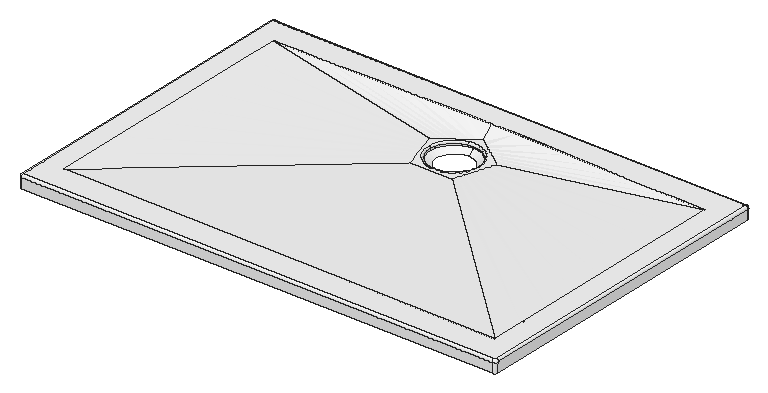
Revit family "IS_UltraFlat_K5182_BIM_DE", category Plumbing Fixtures, host Face, Revit 2016
Family settings
  Host = Face
  Part Type = Normal
  Round Connector Dimension = Use Diameter
  OmniClass Number = 23.45.05.14.21.11
  OmniClass Title = Bath/Shower Units
  Cut with Voids When Loaded = Yes
  Shared = No
  Room Calculation Point = No
Parameters (values of type "K518201 - ULTRA FLAT rectangular shower tray 1200x800mm")
  WarrantyStartDate = "n/a"
  WarrantyGuarantorParts = "n/a"
  WarrantyGuarantorLabor = "n/a"
  WarrantyDurationUnit = "n/a"
  WarrantyDurationParts = "n/a"
  WarrantyDurationLabor = "n/a"
  WarrantyDescription = "n/a"
  WFU = 0
  VolumeUnits = "Litres"
  Version = "1"
  Uniclass2015Version = "Products v1.1"
  Uniclass2015Title = "Shower trays"
  Uniclass2015Code = "Pr_40_20_06_84"
  URL = "www.idealstandard.de"
  Product data URL = "http://bimobject.com/idealstandard/product/k5182"
  Type Comments = "n/a"
  TagNumber = "n/a"
  SustainabilityPerformance = "n/a"
  Space = "Internal"
  Size = "1200 x 800 x 30 mm"
  Shape = "Rectangular"
  SerialNumber = "n/a"
  ReplacementCost = "n/a"
  ProductInformation = "www.idealstandard.de"
  PredefinedType = "n/a"
  Phone = "+49228 5210"
  NominalWidth = 1200 mm
  NominalLength = 800 mm
  NominalHeight = 30 mm
  NominalDepth = 0 mm
  Name = "ISI_IdealStandard_Showers_ULTRA FLAT_K518201"
  ModelReference = "IS Rechteck-Brausewanne ULTRA FLAT, 1200x800x47mm, Weiß"
  ModelNumber = "K518201"
  Model = "K518201"
  Material = "Sanitary Brass"
  ManufacturerURL = "www.idealstandard.de"
  Manufacturer = "idealstandard.de@idealstandard.com"
  LinearUnits = "millimeters"
  Keynote = ""
  InstallationInstructions = "www.idealstandard.de\\produkte"
  InstallationDate = "1900-12-31T23:59:59"
  Help = "idealstandard.de@idealstandard.com"
  HWFU = 0
  GrossWeight = "25 kg"
  Grade = "n/a"
  Finish = "White"
  Features = "ULTRA FLAT rectangular shower tray 1200x800mm"
  ExpectedLife = "25"
  DurationUnit = "year"
  DistributedBy = "n/a"
  Description = "Ultra flat sht 120x80 rect. white"
  Default Elevation = 0 mm
  CurrencyUnit = "€"
  CreatedOn = "42774"
  Cost = 0
  Constituents = "n/a"
  ConnectionType = "Plumbing"
  Color = "White"
  CodePerformance = "DIN EN 14527, DIN EN 249"
  CWFU = 0
  Brand = "Ideal Standard"
  BarCode = "4015413013147"
  BIMObjectName = "ISI_IdealStandard_Showers_ULTRA FLAT_K518201"
  Author = "Ideal Standard"
  AssetType = "Fixed"
  AssetIdentifier = "n/a"
  Assembly Code = "C1030200"
  AreaUnits = "millimeters"
  AreaMeasurement = "n/a"
  Accessories = "www.idealstandard.de\\ersatzteile"
  AccessibilityPerformance = "n/a"
Types (2, lengths in mm): name | Name | ModelReference | ModelNumber | Model | BarCode | BIMObjectName
  K518201 - ULTRA FLAT rectangular shower tray 1200x800mm | "ISI_IdealStandard_Showers_ULTRA FLAT_K518201" | "IS Rechteck-Brausewanne ULTRA FLAT, 1200x800x47mm, Weiß" | "K518201" | "K518201" | "4015413013147" | "ISI_IdealStandard_Showers_ULTRA FLAT_K518201"
  K5182YK - ULTRA FLAT rectangular shower tray 1200x800mm | "ISI_IdealStandard_Showers_ULTRA FLAT_K5182YK" | "IS Rechteck-Brausewanne ULTRA FLAT, 1200x800x47mm, Weiß mit Ideal Grip" | "K5182YK" | "K5182YK" | "4015413033312\r\n4015413033312\r\n4015413033312" | "ISI_IdealStandard_Showers_ULTRA FLAT_K5182YK"
Reference planes
  plane 1 "Center (Front/Back)": y = 0
  plane 2: z = 0
  plane 3 "Center (Left/Right)": x = 0
  plane 4: y = -180
  plane 5: x = 600
  plane 6: x = -600
  plane 7: z = 30
  plane 8: y = -800
Forms (mm)
  Extrusion 1, solid, material "IS_RenderMaterial_VitreousChina"
    sketch origin (0, 39.702, 30) x (0, 1, 0) y (-1, 0, 0)
      loop
        arc (-39.702, 592) -> (-42.045, 597.657) -> (-47.702, 600) r 8
        line (-47.702, 600) -> (-831.702, 600)
        arc (-831.702, 600) -> (-837.359, 597.657) -> (-839.702, 592) r 8
        line (-839.702, 592) -> (-839.702, -592)
        arc (-839.702, -592) -> (-837.359, -597.657) -> (-831.702, -600) r 8
        line (-831.702, -600) -> (-47.702, -600)
        arc (-47.702, -600) -> (-42.045, -597.657) -> (-39.702, -592) r 8
        line (-39.702, -592) -> (-39.702, 592)
    from 0 to -30
  Sweep 2, void
    path in 3D
      loop
        arc (592, -800, 30) -> (597.657, -797.657, 30) -> (600, -792, 30) r 8
        line (600, -792, 30) -> (600, -8, 30)
        arc (600, -8, 30) -> (597.657, -2.343, 30) -> (592, 0, 30) r 8
        line (592, 0, 30) -> (-592, 0, 30)
        arc (-592, 0, 30) -> (-597.657, -2.343, 30) -> (-600, -8, 30) r 8
        line (-600, -8, 30) -> (-600, -792, 30)
        arc (-600, -792, 30) -> (-597.657, -797.657, 30) -> (-592, -800, 30) r 8
        line (-592, -800, 30) -> (592, -800, 30)
    profile origin (0, -800, 30) x (0, 1, 0) y (0, 0, 1)
      loop
        arc (0, -6) -> (1.757, -1.757) -> (6, 0) r 6
        line (6, 0) -> (0, 0) -> (0, -6)
  Blend 3, void
    base sketch origin (0, 39.702, 30) x (-1, 0, 0) y (0, -1, 0)
      loop
        line (543, 769.702) -> (-543, 769.702) -> (-543, 109.755) -> (0, 100.224) -> (543, 109.702) -> (543, 769.702)
    top sketch origin (0, 39.702, 30) x (-1, 0, 0) y (0, -1, 0)
      loop
        line (0, 129.702) -> (85.595, 191.89) -> (52.901, 292.514) -> (-52.901, 292.514) -> (-85.595, 191.89) -> (0, 129.702)
    from 0 to -22
  Revolve 4, void
    sketch origin (-651.269, -180, 1219.2) x (-1, 0, 0) y (0, 0, 1)
      loop
        line (-651.269, -1211.2) -> (-651.269, -1219.2) -> (-590.276, -1219.2) -> (-590.276, -1215.2)
        arc (-590.276, -1215.2) -> (-589.105, -1212.372) -> (-586.276, -1211.2) r 4
        line (-586.276, -1211.2) -> (-651.269, -1211.2)
      axis (-651.269, -1219.2) -> (-651.269, -1211.2)
    angle from 0 to 360
  Revolve 5, solid, material "IS_RenderMaterial_VitreousChina"
    sketch origin (0, 0, 0) x (0, 1, 0) y (0, 0, 1)
      loop
        line (-227, -10.95) -> (-225, -10.95) -> (-240.993, 0) -> (-242.993, 0) -> (-227, -10.95)
      axis (-180, -10.95) -> (-180, 0)
    angle from 0 to 360
  Revolve 6, void
    sketch origin (0, 0, 0) x (0, 1, 0) y (0, 0, 1)
      loop
        line (-242.993, 0) -> (-227, -10.95) -> (-180, -10.95) -> (-180, 0) -> (-242.993, 0)
      axis (-180, -10.95) -> (-180, 0)
    angle from 0 to 360
Cuts and joins
  Sweep 2, Blend 3, Revolve 4 cuts Extrusion 1
Lines and regions (mm)
  sketch lines
    curve 1: line (-592, -800, 30) -> (592, -800, 30)
    curve 2: arc (-592, -800, 30) -> (-597.657, -797.657, 30) -> (-600, -792, 30) r 8
    curve 3: line (-600, -8, 30) -> (-600, -792, 30)
    curve 4: arc (-600, -8, 30) -> (-597.657, -2.343, 30) -> (-592, 0, 30) r 8
    curve 5: line (592, 0, 30) -> (-592, 0, 30)
    curve 6: arc (592, 0, 30) -> (597.657, -2.343, 30) -> (600, -8, 30) r 8
    curve 7: line (600, -792, 30) -> (600, -8, 30)
    curve 8: arc (600, -792, 30) -> (597.657, -797.657, 30) -> (592, -800, 30) r 8
Dimensions and locks
  "NominalLength": plane 1 "Center (Front/Back)" to plane 8
  "NominalWidth": plane 6 to plane 5
  "NominalHeight": plane 7 to host face
  aligned and locked: plane 2 to host face
  aligned and locked: level to host face
Automatic sketch dimensions
  host sketch curve to host sketch curve = 2141.746 mm
  host sketch curve to host sketch curve = 2078.4 mm
  Extrusion 1 sketch curve to plane 8 = 0 mm
  Extrusion 1 sketch curve to plane 6 = 0 mm
  Extrusion 1 sketch curve to plane 5 = 0 mm
  plane 1 "Center (Front/Back)" to Extrusion 1 sketch curve = 0 mm
  plane 8 to Extrusion 1 sketch curve = 8 mm  (x2)
  Extrusion 1 sketch curve to Extrusion 1 sketch curve = 8 mm  (x2)
  Sweep 2 sketch curve to profile plane = 0 mm  (x2)
  Sweep 2 sketch curve to profile plane = 6 mm
  Blend 3 sketch curve to plane 3 "Center (Left/Right)" = 0 mm  (x2)
  plane 5 to Blend 3 sketch curve = 57 mm
  plane 6 to Blend 3 sketch curve = 57 mm
  plane 1 "Center (Front/Back)" to Blend 3 sketch curve = 60.522 mm
  plane 1 "Center (Front/Back)" to Blend 3 sketch curve = 70 mm
  plane 1 "Center (Front/Back)" to Blend 3 sketch curve = 70.053 mm
  plane 8 to Blend 3 sketch curve = 70 mm
  plane 3 "Center (Left/Right)" to Blend 3 sketch curve = 52.901 mm
  Blend 3 sketch curve to plane 4 = 27.812 mm  (x2)
  plane 3 "Center (Left/Right)" to Blend 3 sketch curve = 85.595 mm
  Blend 3 sketch curve to plane 3 "Center (Left/Right)" = 52.901 mm
  Blend 3 sketch curve to plane 3 "Center (Left/Right)" = 85.595 mm
  plane 1 "Center (Front/Back)" to Blend 3 sketch curve = 90 mm
  plane 4 to Blend 3 sketch curve = 72.812 mm
  Revolve 4 sketch curve to plane 3 "Center (Left/Right)" = 0 mm  (x2)
  Revolve 4 sketch curve to level = 0 mm
  Revolve 4 sketch curve to plane 3 "Center (Left/Right)" = 60.993 mm
  Revolve 4 sketch curve to Revolve 4 sketch curve = 4 mm  (x2)
  Revolve 4 sketch curve to Revolve 4 sketch curve = 3.409 mm
  Revolve 4 sketch curve to plane 7 = 1.591 mm
  Revolve 5 sketch curve to level = 0 mm
  Revolve 5 sketch curve to plane 4 = 0 mm
  Revolve 5 sketch curve to level = 10.95 mm
  plane 4 to Revolve 5 sketch curve = 45 mm
  Revolve 5 sketch curve to Revolve 5 sketch curve = 2 mm  (x2)
  Revolve 5 sketch curve to Revolve 5 sketch curve = 13.993 mm
  Revolve 5 sketch curve to level = 15.95 mm
  Revolve 5 sketch curve to plane 7 = 10.95 mm
  Revolve 6 sketch curve to level = 0 mm
  Revolve 6 sketch curve to plane 4 = 0 mm  (x2)
  Revolve 6 sketch curve to level = 10.95 mm
  plane 4 to Revolve 6 sketch curve = 47 mm
  Revolve 6 sketch curve to Revolve 6 sketch curve = 15.993 mm
  Revolve 6 sketch curve to Revolve 6 sketch curve = 3.94 mm
  Revolve 6 sketch curve to Revolve 6 sketch curve = 4.164 mm
Connectors
  piping at (0, -180, -10.95), diameter 90
    settings: on Revolve 5, index 1, connector inside diameter 609.6 mm, connector length 0 mm, flow factor 0, pipe flow 0.0 L/s, pressure drop 0.0 Pa, fitting loss kfactor 0, connector angle 0.00°, fixture units 0, engagement length 0 mm, angle of deflection 0.00°, flow configuration 2, flow direction 2, fitting loss method 0, system type 16, joint type 0, gender type 0, connector reference index -1, connector utility 0, adjustable connector no, is connector primary yes, connector description ""
